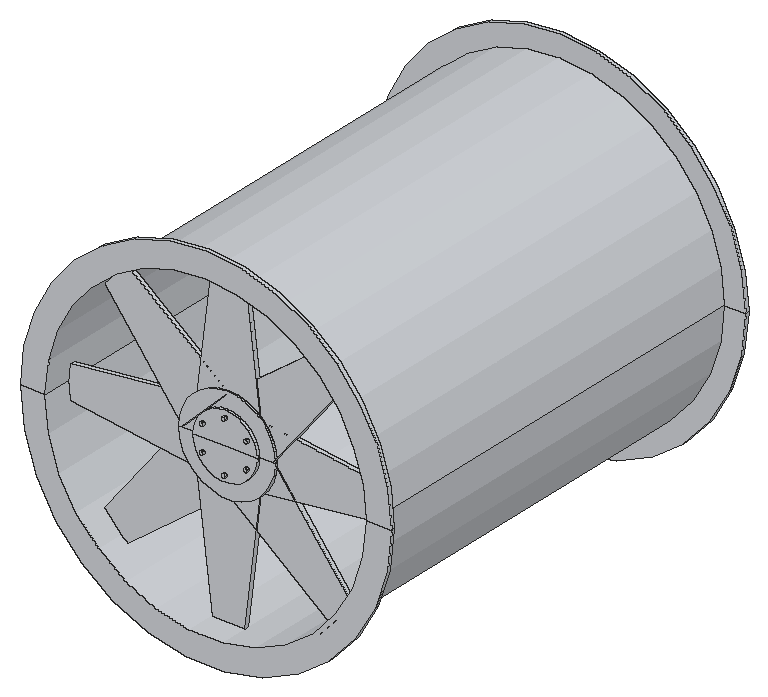
Revit family "CADS_Vent-Axia_MechEquip_Fan_BIFA_450_3Ph2P - EXTRACT", category Mechanical Equipment, Revit 2020
Family settings
  Round Connector Dimension = Use Diameter
  Part Type = Normal
  OmniClass Number = 23.75.00.00
  OmniClass Title = Climate Control (HVAC)
  Work Plane-Based = No
  Always vertical = Yes
  Cut with Voids When Loaded = No
  Shared = No
  Room Calculation Point = No
Parameters (values of type "BIFA453232")
  WorkingPressure = 0.0 Pa
  WarrantyStartDate [instance] = "1900-12-31T23:59:59"
  WarrantyPeriod = ""
  WarrantyIdentifier = "N/A"
  WarrantyGuarantorParts = "tech@vent-axia.com"
  WarrantyGuarantorLabor = "tech@vent-axia.com"
  WarrantyGuarantor = "Vent-Axia Limited"
  WarrantyEndDate [instance] = "1900-12-31T23:59:59"
  WarrantyContent = ""
  TemperatureRange = ""
  TagNumber [instance] = "N/A"
  SustainabilityPerformance = ""
  Status = "New"
  Size = ""
  Shape = ""
  ServiceLifeType = ""
  ServiceLifeDuration = ""
  SerialNumber [instance] = "N/A"
  ReplacementCost = ""
  RatedVoltage = 0 V
  RatedCurrent = 0 A
  Quantity = 1
  ProductionYear = ""
  PressureCurve = ""
  PowerFactor = ""
  PointOfContact = ""
  NumberOfPoles = 0
  NominalWidth = 450 mm
  NominalLength = 625 mm
  NominalHeight = 450 mm
  NominalFrequencyRange = ""
  NominalDiameter = 450 mm
  ModelReference = "BIF 450MM 3PH 2P 32DEG"
  ModelNumber = "BIFA453232"
  Material = ""
  ManufacturerE-Mail = "tech@vent-axia.com"
  ManufacturerAddress = "Fleming Way\nCrawley \nRH10 9YX"
  IsExtendedWarranty = no
  InsulationStandardClass = ""
  InstallationDate [instance] = "1900-12-31T23:59:59"
  IfcExportType [instance] = ""
  IfcExportAs = "IfcFanType"
  IP_Code = ""
  HasProtectiveEarth = no
  GrossWeight = 0.00 kg
  Grade = ""
  GlobalTradeItemNumber [instance] = "N/A"
  Fitting Type = "Ignore"
  Finish = ""
  Features = ""
  ExteriorInsulation = no
  ExpectedServiceLife = 0
  Exclusions = ""
  DurationUnit = "Year"
  Default Elevation = 0 mm
  Constituents = ""
  ConductorFunction = ""
  Color = ""
  CodePerformance = ""
  Category = ""
  CADS_Usage = 0
  CADS_Index = 0
  AssetType = "FIXED"
  AssetIdentifier [instance] = "N/A"
  AssemblyPlace = "UNKNOWN"
  ArticleNumber [instance] = "N/A"
  AirflowRateRange = 0.0 L/s
  Air Flow [instance] = 0.0 L/s
  AccessibilityPerformance = ""
Types (12, lengths in mm): name | ModelReference | ModelNumber
  BIFA453210 | "BIF 450MM 3PH 2P 10DEG" | "BIFA453210"
  BIFA453212 | "BIF 450MM 3PH 2P 12DEG" | "BIFA453212"
  BIFA453214 | "BIF 450MM 3PH 2P 14DEG" | "BIFA453214"
  BIFA453216 | "BIF 450MM 3PH 2P 16DEG" | "BIFA453216"
  BIFA453218 | "BIF 450MM 3PH 2P 18DEG" | "BIFA453218"
  BIFA453220 | "BIF 450MM 3PH 2P 20DEG" | "BIFA453220"
  BIFA453222 | "BIF 450MM 3PH 2P 22DEG" | "BIFA453222"
  BIFA453224 | "BIF 450MM 3PH 2P 24DEG" | "BIFA453224"
  BIFA453226 | "BIF 450MM 3PH 2P 26DEG" | "BIFA453226"
  BIFA453228 | "BIF 450MM 3PH 2P 28DEG" | "BIFA453228"
  BIFA453230 | "BIF 450MM 3PH 2P 30DEG" | "BIFA453230"
  BIFA453232 | "BIF 450MM 3PH 2P 32DEG" | "BIFA453232"
Reference planes
  plane 1 "Center (Front/Back)": y = 0
  plane 2: z = 0
  plane 3 "Center (Left/Right)": x = 0
  plane 4: x = -225
  plane 5: x = 225
  plane 6 "F": y = -312.5
  plane 7 "B": y = 312.5
  plane 8: x = -260
  plane 9: y = 307.5
  plane 10: y = -307.5
  plane 11: x = -230
  plane 12: y = -272.5
Forms (mm)
  Revolve 1, solid
    sketch origin (0, 0, 0) x (1, 0, 0) y (0, 1, 0)
      loop
        line (-260, -312.5) -> (-225, -312.5) -> (-225, 312.5) -> (-260, 312.5) -> (-260, 307.5) -> (-230, 307.5) -> (-230, -307.5) -> (-260, -307.5) -> (-260, -312.5)
      axis (0, 312.5) -> (0, -312.5)
    angle from 0 to 360
Dimensions and locks
  equal spacing: plane 4, plane 3 "Center (Left/Right)", plane 5
  equal spacing: plane 7 "B", plane 1 "Center (Front/Back)", plane 6 "F"
  "NominalLength": plane 7 "B" to plane 6 "F"
  "NominalDiameter": plane 4 to plane 5
  locked: plane 11 to plane 4 at 5
  locked: plane 8 to plane 11 at 30
  locked: plane 6 "F" to plane 10 at 5
  locked: plane 7 "B" to plane 9 at 5
  locked: plane 6 "F" to plane 12 at 40
  aligned and locked: level to plane 2
  aligned and locked: nested 1 to plane 12
Automatic sketch dimensions
  plane 6 "F" to Revolve 1 sketch curve = 0 mm
  Revolve 1 sketch curve to plane 8 = 0 mm  (x2)
  plane 10 to Revolve 1 sketch curve = 0 mm
  Revolve 1 sketch curve to plane 11 = 0 mm
  Revolve 1 sketch curve to plane 4 = 0 mm
  Revolve 1 sketch curve to plane 3 "Center (Left/Right)" = 0 mm
  plane 1 "Center (Front/Back)" to Revolve 1 sketch curve = 0 mm
  Revolve 1 sketch curve to plane 9 = 0 mm
  Revolve 1 sketch curve to plane 7 "B" = 0 mm
  plane 6 "F" to Revolve 1 sketch curve = 115 mm
Nested families
  nested 1: "Fan for BIFA" at (0, -272.5, 0), ND <- "NominalDiameter", type "Fan for BIFA"
    with hub 45 mm, ND 450 mm, BoltPCD 36 mm, Bolt Count 6, B_Diam 5 mm
  nested 2: "Bolts" at (31.177, -281.672, -18) x (-0.5, 0, -0.866) z (0, 1, 0), type "Bolts"
    with bd 5 mm
  nested 3: "Bolts" at (0, -281.672, -36) x (-1, 0, 0) z (0, 1, 0), type "Bolts"
    with bd 5 mm
  nested 4: "Bolts" at (-31.177, -281.672, -18) x (-0.5, 0, 0.866) z (0, 1, 0), type "Bolts"
    with bd 5 mm
  nested 5: "Bolts" at (-31.177, -281.672, 18) x (0.5, 0, 0.866) z (0, 1, 0), type "Bolts"
    with bd 5 mm
  nested 6: "Bolts" at (31.177, -281.672, 18) x (0.5, 0, -0.866) z (0, 1, 0), type "Bolts"
    with bd 5 mm
  nested 7: "Bolts" at (0, -281.672, 36) x (1, 0, 0) z (0, 1, 0), type "Bolts"
    with bd 5 mm
  nested 8: "BIFA Blade" at (0, -272.5, 0), type "BIFA Blade"
    with a 20.00°, HR 45 mm, HD 90 mm, BT 45 mm, BR 180 mm, BH 40 mm, BD 450 mm, BB 90 mm
  nested 9: "BIFA Blade" at (0, -272.5, 0) x (0.7071, 0, -0.7071) z (0.7071, 0, 0.7071), type "BIFA Blade"
    with a 20.00°, HR 45 mm, HD 90 mm, BT 45 mm, BR 180 mm, BH 40 mm, BD 450 mm, BB 90 mm
  nested 10: "BIFA Blade" at (0, -272.5, 0) x (0, 0, -1) z (1, 0, 0), type "BIFA Blade"
    with a 20.00°, HR 45 mm, HD 90 mm, BT 45 mm, BR 180 mm, BH 40 mm, BD 450 mm, BB 90 mm
  nested 11: "BIFA Blade" at (0, -272.5, 0) x (-0.7071, 0, -0.7071) z (0.7071, 0, -0.7071), type "BIFA Blade"
    with a 20.00°, HR 45 mm, HD 90 mm, BT 45 mm, BR 180 mm, BH 40 mm, BD 450 mm, BB 90 mm
  nested 12: "BIFA Blade" at (0, -272.5, 0) x (-1, 0, 0) z (0, 0, -1), type "BIFA Blade"
    with a 20.00°, HR 45 mm, HD 90 mm, BT 45 mm, BR 180 mm, BH 40 mm, BD 450 mm, BB 90 mm
  nested 13: "BIFA Blade" at (0, -272.5, 0) x (-0.7071, 0, -0.7071) z (-0.7071, 0, 0.7071), type "BIFA Blade"
    with a 20.00°, HR 45 mm, HD 90 mm, BT 45 mm, BR 180 mm, BH 40 mm, BD 450 mm, BB 90 mm
  nested 14: "BIFA Blade" at (0, -272.5, 0) x (0, 0, -1) z (-1, 0, 0), type "BIFA Blade"
    with a 20.00°, HR 45 mm, HD 90 mm, BT 45 mm, BR 180 mm, BH 40 mm, BD 450 mm, BB 90 mm
  nested 15: "BIFA Blade" at (0, -272.5, 0) x (0.7071, 0, -0.7071) z (-0.7071, 0, -0.7071), type "BIFA Blade"
    with a 20.00°, HR 45 mm, HD 90 mm, BT 45 mm, BR 180 mm, BH 40 mm, BD 450 mm, BB 90 mm
Connectors
  hvac at (0, -312.5, 0), driven by "NominalDiameter", driven by "Air Flow"
    settings: on Revolve 1, index 1, duct flow 0.0 L/s, flow factor 0, pres drop 0.0 Pa, loss coef 0, conn angle 0.00°, conn width 304.8 mm, conn height 304.8 mm, conn diameter 450 mm, duct sys type 2, conn prof type 0, flow config 0, flow direction 1, loss method 0, conn ref index -1, conn util no, is conn primary yes, conn desc ""
  hvac at (0, 312.5, 0), driven by "NominalDiameter", driven by "Air Flow"
    settings: on Revolve 1, index 2, duct flow 0.0 L/s, flow factor 0, pres drop 0.0 Pa, loss coef 0, conn angle 0.00°, conn width 304.8 mm, conn height 304.8 mm, conn diameter 450 mm, duct sys type 3, conn prof type 0, flow config 1, flow direction 2, loss method 0, conn ref index -1, conn util no, is conn primary no, conn desc ""
Definition of nested family "Fan for BIFA"
  Parameters (values of type "Fan for BIFA")
    hub [instance] = ND / 10  # 50 mm
    ND [instance] = 500 mm
    Model = "."
    Default Elevation = 0 mm
    BoltPCD [instance] = hub - (hub * 0.2)  # 40 mm
    Bolt Count [instance] = if(hub < 50 mm, 6, 8)  # 8
    B_Diam [instance] = if(hub < 50 mm, 5 mm, 10 mm)  # 10 mm
  Reference planes
    plane 1 "Center (Front/Back)": y = 0
    plane 2: z = 0
    plane 3 "Center (Left/Right)": x = 0
    plane 4 "back": y = 20
    plane 5 "bolts": y = -9.172
    plane 6 "B": z = 50
    plane 7: x = -72.587
    plane 8: x = -50
    plane 9 "hubface": y = -6.172
  Forms (mm)
    Revolve 1, solid
      sketch origin (0, 0, 0) x (1, 0, 0) y (0, 1, 0)
        loop
          line (0, 20) -> (-50, 20) -> (-50, 10.504) -> (-72.587, 10.504) -> (-72.587, -2.597) -> (-50, -2.597) -> (-50, -6.172) -> (0, -6.172) -> (0, 20)
        axis (0, 20) -> (0, -6.172)
      angle from 0 to 360
    Extrusion 2, solid, not visible
      sketch origin (0, -6.347, -4) x (-1, 0, 0) y (0, 0, 1)
        loop
          circle (0, 84) r 5
      from 0 to 3
  Lines and regions (mm)
    symbolic lines
      curve 1: circle (0, -9.172, 0) r 40 normal (0, 1, 0)
    model lines, not visible
      curve 2: line (0, -6.347, 85) -> (0, -6.347, 75)
  Dimensions and locks
    "hub": plane 6 "B" to plane 2
    "hub": nested 3 to plane 3 "Center (Left/Right)"
    "hub": nested 4 to plane 3 "Center (Left/Right)"
    "hub": nested 5 to plane 3 "Center (Left/Right)"
    "hub": plane 3 "Center (Left/Right)" to nested 6
    "hub": Revolve 1 sketch curve to Revolve 1 sketch curve
    "hub": plane 3 "Center (Left/Right)" to nested 7
    "hub": plane 3 "Center (Left/Right)" to nested 8
    "hub": plane 3 "Center (Left/Right)" to nested 9
    "hub": plane 8 to plane 3 "Center (Left/Right)"
    plane 7 to plane 8 = 22.587 mm
    diameter of Extrusion 2 sketch curve = 10 mm
    "BoltPCD": radius of curve 1
    "BoltPCD": radius of radial array
    aligned and locked: level to plane 2
    aligned and locked: plane 6 "B" to nested 1
  Automatic sketch dimensions
    Revolve 1 sketch curve to plane 7 = 0 mm
    Revolve 1 sketch curve to plane 8 = 0 mm  (x2)
    Revolve 1 sketch curve to plane 3 "Center (Left/Right)" = 0 mm
    Revolve 1 sketch curve to plane 9 "hubface" = 0 mm
    plane 4 "back" to Revolve 1 sketch curve = 0 mm
    plane 1 "Center (Front/Back)" to Revolve 1 sketch curve = 2.597 mm
    plane 4 "back" to Revolve 1 sketch curve = 9.496 mm
    plane 4 "back" to Revolve 1 sketch curve = 5 mm
    Revolve 1 sketch curve to Revolve 1 sketch curve = 45 mm
    curve 1 to level = 0 mm
    curve 1 to plane 3 "Center (Left/Right)" = 0 mm
  Nested families
    nested 1: "BIFA Blade" at (0, 0, 25), BD <- "ND", HD <- "hub", type "BIFA Blade"
      with a 20.00°, HR 25 mm, HD 50 mm, BT 25 mm, BR 100 mm, BH 40 mm, BD 250 mm, BB 50 mm
    nested 2: "BIFA Blade" at (0, 0, 55), BD <- "ND", HD <- "hub", type "BIFA Blade", not visible
      with a 20.00°, HR 25 mm, HD 50 mm, BT 25 mm, BR 100 mm, BH 40 mm, BD 250 mm, BB 50 mm
    nested 3: "BIFA Blade" at (17.678, 0, 17.678) x (0.7071, 0, -0.7071) z (0.7071, 0, 0.7071), BD <- "ND", HD <- "hub", type "BIFA Blade"
      with a 20.00°, HR 25 mm, HD 50 mm, BT 25 mm, BR 100 mm, BH 40 mm, BD 250 mm, BB 50 mm
    nested 4: "BIFA Blade" at (25, 0, 0) x (0, 0, -1) z (1, 0, 0), BD <- "ND", HD <- "hub", type "BIFA Blade"
      with a 20.00°, HR 25 mm, HD 50 mm, BT 25 mm, BR 100 mm, BH 40 mm, BD 250 mm, BB 50 mm
    nested 5: "BIFA Blade" at (17.678, 0, -17.678) x (-0.7071, 0, -0.7071) z (0.7071, 0, -0.7071), BD <- "ND", HD <- "hub", type "BIFA Blade"
      with a 20.00°, HR 25 mm, HD 50 mm, BT 25 mm, BR 100 mm, BH 40 mm, BD 250 mm, BB 50 mm
    nested 6: "BIFA Blade" at (0, 0, -25) x (-1, 0, 0) z (0, 0, -1), BD <- "ND", HD <- "hub", type "BIFA Blade"
      with a 20.00°, HR 25 mm, HD 50 mm, BT 25 mm, BR 100 mm, BH 40 mm, BD 250 mm, BB 50 mm
    nested 7: "BIFA Blade" at (-17.678, 0, 17.678) x (-0.7071, 0, -0.7071) z (-0.7071, 0, 0.7071), BD <- "ND", HD <- "hub", type "BIFA Blade"
      with a 20.00°, HR 25 mm, HD 50 mm, BT 25 mm, BR 100 mm, BH 40 mm, BD 250 mm, BB 50 mm
    nested 8: "BIFA Blade" at (-25, 0, 0) x (0, 0, -1) z (-1, 0, 0), BD <- "ND", HD <- "hub", type "BIFA Blade"
      with a 20.00°, HR 25 mm, HD 50 mm, BT 25 mm, BR 100 mm, BH 40 mm, BD 250 mm, BB 50 mm
    nested 9: "BIFA Blade" at (-17.678, 0, -17.678) x (0.7071, 0, -0.7071) z (-0.7071, 0, -0.7071), BD <- "ND", HD <- "hub", type "BIFA Blade"
      with a 20.00°, HR 25 mm, HD 50 mm, BT 25 mm, BR 100 mm, BH 40 mm, BD 250 mm, BB 50 mm
    nested 10: "Bolts" at (0, -9.172, 40) x (1, 0, 0) z (0, 1, 0), bd <- "B_Diam", type "Bolts"
      with bd 10 mm
    nested 11: "Bolts" at (28.284, -9.172, 28.284) x (0.7071, 0, -0.7071) z (0, 1, 0), bd <- "B_Diam", type "Bolts"
      with bd 10 mm
    nested 12: "Bolts" at (-28.284, -9.172, 28.284) x (0.7071, 0, 0.7071) z (0, 1, 0), bd <- "B_Diam", type "Bolts"
      with bd 10 mm
    nested 13: "Bolts" at (-40, -9.172, 0) x (0, 0, 1) z (0, 1, 0), bd <- "B_Diam", type "Bolts"
      with bd 10 mm
    nested 14: "Bolts" at (-28.284, -9.172, -28.284) x (-0.7071, 0, 0.7071) z (0, 1, 0), bd <- "B_Diam", type "Bolts"
      with bd 10 mm
    nested 15: "Bolts" at (0, -9.172, -40) x (-1, 0, 0) z (0, 1, 0), bd <- "B_Diam", type "Bolts"
      with bd 10 mm
    nested 16: "Bolts" at (28.284, -9.172, -28.284) x (-0.7071, 0, -0.7071) z (0, 1, 0), bd <- "B_Diam", type "Bolts"
      with bd 10 mm
    nested 17: "Bolts" at (40, -9.172, 0) x (0, 0, -1) z (0, 1, 0), bd <- "B_Diam", type "Bolts"
      with bd 10 mm
  Definition of nested family "BIFA Blade"
    Parameters (values of type "BIFA Blade")
      a [instance] = 20.00°
      HR [instance] = HD / 2  # 30 mm
      HD [instance] = BD / 5  # 60 mm
      Default Elevation = 1219.2 mm
      BT [instance] = BD / 10  # 30 mm
      BR [instance] = (BD / 2) - HR  # 120 mm
      BH [instance] = 40 mm
      BD [instance] = 300 mm
      BB [instance] = BD / 5  # 60 mm
    Reference planes
      plane 1 "Center (Front/Back)": y = 0
      plane 2: z = 0
      plane 3 "Center (Left/Right)": x = 0
      plane 4 "Blade Bot": z = 30
      plane 5: x = -30
      plane 6: x = 30
      plane 7: x = -15
      plane 8: x = 15
    Forms (mm)
      Blend 1, solid
        base sketch origin (0, 0, 30) x (-1, 0, 0) y (0, -1, 0)
          loop
            line (30, 0) -> (-30, 0) -> (-30, -6) -> (30, -6) -> (30, 0)
        top sketch origin (0, 0, 30) x (-1, 0, 0) y (0, -1, 0)
          loop
            line (15, -6) -> (15, 0) -> (-15, 0) -> (-15, -6) -> (15, -6)
        from 0 to 120 <- "BR"
    Dimensions and locks
      "HR": plane 4 "Blade Bot" to level
      equal spacing: plane 8, plane 3 "Center (Left/Right)", plane 7
      "BT": plane 8 to plane 7
      equal spacing: plane 6, plane 3 "Center (Left/Right)", plane 5
      "BB": plane 6 to plane 5
      aligned and locked: level to plane 2
    Automatic sketch dimensions
      plane 1 "Center (Front/Back)" to Blend 1 sketch curve = 0 mm  (x2)
      Blend 1 sketch curve to plane 6 = 0 mm
      Blend 1 sketch curve to plane 5 = 0 mm
      Blend 1 sketch curve to plane 1 "Center (Front/Back)" = 6 mm  (x2)
      Blend 1 sketch curve to plane 8 = 0 mm
      Blend 1 sketch curve to plane 7 = 0 mm
  Definition of nested family "Bolts"
    Parameters
      bd [instance] = 10 mm
      Default Elevation = 1219.2 mm
    Reference planes
      plane 1 "Center (Front/Back)": y = 0
      plane 2: z = 0
      plane 3 "Center (Left/Right)": x = 0
    Forms (mm)
      Extrusion 1, solid
        sketch origin (0, 0, 0) x (1, 0, 0) y (0, 1, 0)
          loop
            line (-1219.2, 1219.2) -> (-1219.2, -1219.2) -> (1219.2, -1219.2) -> (1219.2, 1219.2) -> (-1219.2, 1219.2)
        from 0 to -304.8
      Extrusion 2, solid
        sketch origin (0, 0, 0) x (1, 0, 0) y (0, 1, 0)
          loop
            circle (0, 0) r 5
        from 0 to 3
    Dimensions and locks
      "bd": diameter of Extrusion 2 sketch curve
      aligned and locked: plane 2 to Extrusion 1
      aligned and locked: level to Extrusion 1
    Automatic sketch dimensions
      Extrusion 1 sketch curve to Extrusion 1 sketch curve = 2438.4 mm  (x2)
      plane 1 "Center (Front/Back)" to Extrusion 2 sketch curve = 0 mm
      Extrusion 2 sketch curve to plane 3 "Center (Left/Right)" = 0 mm
Definition of nested family "Bolts"
  Parameters
    bd [instance] = 10 mm
    Default Elevation = 1219.2 mm
  Reference planes
    plane 1 "Center (Front/Back)": y = 0
    plane 2: z = 0
    plane 3 "Center (Left/Right)": x = 0
  Forms (mm)
    Extrusion 1, solid
      sketch origin (0, 0, 0) x (1, 0, 0) y (0, 1, 0)
        loop
          line (-1219.2, 1219.2) -> (-1219.2, -1219.2) -> (1219.2, -1219.2) -> (1219.2, 1219.2) -> (-1219.2, 1219.2)
      from 0 to -304.8
    Extrusion 2, solid
      sketch origin (0, 0, 0) x (1, 0, 0) y (0, 1, 0)
        loop
          circle (0, 0) r 5
      from 0 to 3
  Dimensions and locks
    "bd": diameter of Extrusion 2 sketch curve
    aligned and locked: plane 2 to Extrusion 1
    aligned and locked: level to Extrusion 1
  Automatic sketch dimensions
    Extrusion 1 sketch curve to Extrusion 1 sketch curve = 2438.4 mm  (x2)
    plane 1 "Center (Front/Back)" to Extrusion 2 sketch curve = 0 mm
    Extrusion 2 sketch curve to plane 3 "Center (Left/Right)" = 0 mm
Definition of nested family "BIFA Blade"
  Parameters (values of type "BIFA Blade")
    a [instance] = 20.00°
    HR [instance] = HD / 2  # 30 mm
    HD [instance] = BD / 5  # 60 mm
    Default Elevation = 1219.2 mm
    BT [instance] = BD / 10  # 30 mm
    BR [instance] = (BD / 2) - HR  # 120 mm
    BH [instance] = 40 mm
    BD [instance] = 300 mm
    BB [instance] = BD / 5  # 60 mm
  Reference planes
    plane 1 "Center (Front/Back)": y = 0
    plane 2: z = 0
    plane 3 "Center (Left/Right)": x = 0
    plane 4 "Blade Bot": z = 30
    plane 5: x = -30
    plane 6: x = 30
    plane 7: x = -15
    plane 8: x = 15
  Forms (mm)
    Blend 1, solid
      base sketch origin (0, 0, 30) x (-1, 0, 0) y (0, -1, 0)
        loop
          line (30, 0) -> (-30, 0) -> (-30, -6) -> (30, -6) -> (30, 0)
      top sketch origin (0, 0, 30) x (-1, 0, 0) y (0, -1, 0)
        loop
          line (15, -6) -> (15, 0) -> (-15, 0) -> (-15, -6) -> (15, -6)
      from 0 to 120 <- "BR"
  Dimensions and locks
    "HR": plane 4 "Blade Bot" to level
    equal spacing: plane 8, plane 3 "Center (Left/Right)", plane 7
    "BT": plane 8 to plane 7
    equal spacing: plane 6, plane 3 "Center (Left/Right)", plane 5
    "BB": plane 6 to plane 5
    aligned and locked: level to plane 2
  Automatic sketch dimensions
    plane 1 "Center (Front/Back)" to Blend 1 sketch curve = 0 mm  (x2)
    Blend 1 sketch curve to plane 6 = 0 mm
    Blend 1 sketch curve to plane 5 = 0 mm
    Blend 1 sketch curve to plane 1 "Center (Front/Back)" = 6 mm  (x2)
    Blend 1 sketch curve to plane 8 = 0 mm
    Blend 1 sketch curve to plane 7 = 0 mm
